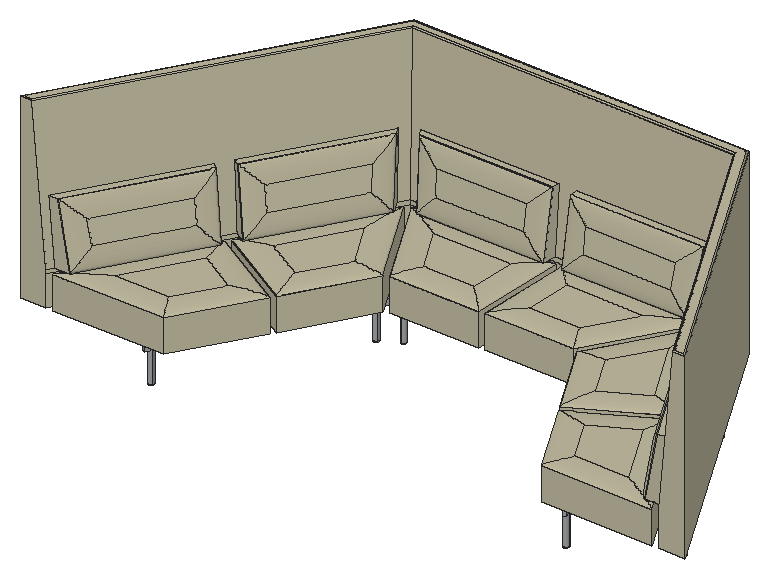
Revit family
Parameters
  URL = "http://www.martinbrattrud.com"
  SCS Certified Product = "Yes"
  Model = "Reveal 980-173 A"
  Manufacturer = "Martin Brattrud, Inc."
  Leg = none
  Keynote = "125000"
  Copyright = "© 2013 Martin Brattrud, Inc."
  Chair [instance] = none
  Back Cushion [instance] = none
  Authoring Version = "Revit Architecture 2010"
  Assembly Code = "E2020200"
Reference planes
  plane 1 "Center Front/Back": y = 0
  plane 2: z = 0
  plane 3 "Center Left/Right": x = 0
Forms (mm)
  Sweep 1, solid, material <- "Chair"
    path in 3D
      loop
        line (2035.136, -1442.448, 1365.25) -> (1013.827, 326.51, 1365.25) -> (-1013.827, 326.51, 1365.25) -> (-2035.136, -1442.448, 1365.25)
    profile origin (0, 326.51, 1365.25) x (0, -1, 0) y (0, 0, 1)
      loop
        line (-7.144, 6.35) -> (-56.78, 6.35)
        arc (-56.78, 6.35) -> (-61.27, 4.49) -> (-63.13, 0) r 6.35
        line (-63.13, 0) -> (-0.794, 0)
        arc (-0.794, 0) -> (-2.654, 4.49) -> (-7.144, 6.35) r 6.35
  Sweep 2, solid, material <- "Chair"
    path in 3D
      loop
        line (-19.05, -390.525, 431.8) -> (-19.05, 212.725, 431.8) -> (-926.137, 212.725, 431.8) -> (-577.85, -390.525, 431.8) -> (-19.05, -390.525, 431.8)
    profile origin (-298.45, -390.525, 431.8) x (0, 1, 0) y (0, 0, 1)
      loop
        line (153.194, 0) -> (153.194, 19.05)
        spline (153.194, 19.05) -> (133.302, 18.887) -> (113.75, 18.401) -> (94.873, 17.6) -> (76.994, 16.498) -> (60.419, 15.113) -> (45.431, 13.47) -> (32.287, 11.597) -> (21.211, 9.525) -> (12.395, 7.29) -> (5.987, 4.931) -> (2.098, 2.487) -> (0.794, 0)
        line (0.794, 0) -> (153.194, 0)
  Extrusion 3, void
    sketch origin (0, -938.609, 558.8) x (0, 1, 0) y (0, 0, 1)
      loop
        line (-471.831, 806.45) -> (-471.037, 806.45)
        arc (-471.037, 806.45) -> (-469.178, 810.94) -> (-464.687, 812.8) r 6.35
        line (-464.687, 812.8) -> (-464.687, 819.15) -> (-560.731, 819.15) -> (-560.731, -330.2) -> (-471.831, -330.2) -> (-471.831, 806.45)
    from -2133.6 to 2133.6
  Extrusion 4, solid, material <- "Leg"
    sketch origin (0, 0, 0) x (1, 0, 0) y (0, 1, 0)
      loop
        line (-603.25, 365.125) -> (-603.25, 146.05) -> (-909.639, 146.05) -> (-1062.833, -119.29) -> (-1252.558, -9.753) -> (-1262.083, -26.251) -> (-1072.358, -135.788) -> (-1656.558, -1147.652) -> (-1846.283, -1038.115) -> (-1855.808, -1054.613) -> (-1319.63, -1364.175) -> (-1333.917, -1388.922) -> (-1317.419, -1398.447) -> (-667.671, -273.05) -> (667.671, -273.05) -> (1317.419, -1398.447) -> (1333.917, -1388.922) -> (1319.63, -1364.175) -> (1855.808, -1054.613) -> (1846.283, -1038.115) -> (1656.558, -1147.652) -> (1072.358, -135.788) -> (1262.083, -26.251) -> (1252.558, -9.753) -> (1062.833, -119.29) -> (909.639, 146.05) -> (603.25, 146.05) -> (603.25, 365.125) -> (584.2, 365.125) -> (584.2, 146.05) -> (-584.2, 146.05) -> (-584.2, 365.125) -> (-603.25, 365.125)
      loop
        line (-584.2, -254) -> (-127, -254) -> (-127, 127) -> (-584.2, 127) -> (-584.2, -254)
      loop
        line (-603.25, -254) -> (-603.25, 127) -> (-898.64, 127) -> (-1046.335, -128.815) -> (-716.38, -319.315) -> (-678.67, -254) -> (-603.25, -254)
      loop
        line (-107.95, 127) -> (-107.95, -254) -> (107.95, -254) -> (107.95, 127) -> (-107.95, 127)
      loop
        line (584.2, -254) -> (584.2, 127) -> (127, 127) -> (127, -254) -> (584.2, -254)
      loop
        line (-725.905, -335.813) -> (-1055.86, -145.313) -> (-1284.46, -541.26) -> (-954.505, -731.76) -> (-725.905, -335.813)
      loop
        line (-1401.935, -744.733) -> (-1071.98, -935.233) -> (-964.03, -748.258) -> (-1293.985, -557.758) -> (-1401.935, -744.733)
      loop
        line (-1081.505, -951.731) -> (-1411.46, -761.231) -> (-1640.06, -1157.177) -> (-1310.105, -1347.677) -> (-1081.505, -951.731)
      loop
        line (603.25, -254) -> (678.67, -254) -> (716.38, -319.315) -> (1046.335, -128.815) -> (898.64, 127) -> (603.25, 127) -> (603.25, -254)
      loop
        line (725.905, -335.813) -> (954.505, -731.76) -> (1284.46, -541.26) -> (1055.86, -145.313) -> (725.905, -335.813)
      loop
        line (1401.935, -744.733) -> (1293.985, -557.758) -> (964.03, -748.258) -> (1071.98, -935.233) -> (1401.935, -744.733)
      loop
        line (1081.505, -951.731) -> (1310.105, -1347.677) -> (1640.06, -1157.177) -> (1411.46, -761.231) -> (1081.505, -951.731)
    from 190.472 to 228.6
  Extrusion 5, solid, material <- "Leg"
    sketch origin (0, 0, 0) x (1, 0, 0) y (0, 1, 0)
      loop
        line (-584.2, 276.225) -> (584.2, 276.225) -> (584.2, 352.425) -> (-584.2, 352.425) -> (-584.2, 276.225)
      loop
        line (-1769.293, -1082.565) -> (-1185.093, -70.701) -> (-1251.084, -32.601) -> (-1835.284, -1044.465) -> (-1769.293, -1082.565)
      loop
        line (1769.293, -1082.565) -> (1835.284, -1044.465) -> (1251.084, -32.601) -> (1185.093, -70.701) -> (1769.293, -1082.565)
    from 203.2 to 228.6
  Sweep 6, solid, material <- "Chair"
    path origin (0, 0, 0) x (1, 0, 0) y (0, 1, 0)
      loop
        line (2090.574, -1410.441) -> (1050.786, 390.525) -> (-1050.786, 390.525) -> (-2090.574, -1410.441)
    profile origin (0, 390.525, 0) x (0, -1, 0) y (0, 0, 1)
      loop
        line (0, 1365.25) -> (0, 228.6) -> (139.7, 228.6) -> (139.7, 419.466)
        arc (139.7, 419.466) -> (139.451, 431.792) -> (138.703, 444.098) r 304.8
        line (138.703, 444.098) -> (64.015, 1365.25) -> (0, 1365.25)
  Extrusion 7, solid, material <- "Chair"
    sketch origin (0, 0, 0) x (1, 0, 0) y (0, 1, 0)
      loop
        line (-1431.725, -624.881) -> (-1885.269, -1410.441) -> (-1188.696, -1410.441) -> (-909.296, -926.506) -> (-1431.725, -624.881)
      loop
        line (-610.846, -409.575) -> (-959.132, 193.675) -> (-1412.675, -591.885) -> (-890.246, -893.51) -> (-610.846, -409.575)
      loop
        line (-926.137, 212.725) -> (-577.85, -390.525) -> (-19.05, -390.525) -> (-19.05, 212.725) -> (-926.137, 212.725)
      loop
        line (1431.725, -624.881) -> (909.296, -926.506) -> (1188.696, -1410.441) -> (1885.269, -1410.441) -> (1431.725, -624.881)
      loop
        line (610.846, -409.575) -> (890.246, -893.51) -> (1412.675, -591.885) -> (959.132, 193.675) -> (610.846, -409.575)
      loop
        line (926.137, 212.725) -> (19.05, 212.725) -> (19.05, -390.525) -> (577.85, -390.525) -> (926.137, 212.725)
    from 228.6 to 431.8
  Extrusion 8, solid, material <- "Chair"
    sketch origin (0, 0, 0) x (1, 0, 0) y (0, 1, 0)
      loop
        line (-660.797, 59.531) -> (-489.404, -237.331) -> (-172.244, -237.331) -> (-172.244, 59.531) -> (-660.797, 59.531)
    from 431.8 to 450.85
  Sweep 9, solid, material <- "Chair"
    path in 3D
      loop
        line (19.05, -390.525, 431.8) -> (19.05, 212.725, 431.8) -> (926.137, 212.725, 431.8) -> (577.85, -390.525, 431.8) -> (19.05, -390.525, 431.8)
    profile origin (298.45, -390.525, 431.8) x (0, -1, 0) y (0, 0, 1)
      loop
        line (-153.194, 0) -> (-0.794, 0)
        spline (-0.794, 0) -> (-2.098, 2.487) -> (-5.987, 4.931) -> (-12.395, 7.29) -> (-21.211, 9.525) -> (-32.287, 11.597) -> (-45.431, 13.47) -> (-60.419, 15.113) -> (-76.994, 16.498) -> (-94.873, 17.6) -> (-113.75, 18.401) -> (-133.302, 18.887) -> (-153.194, 19.05)
        line (-153.194, 19.05) -> (-153.194, 0)
  Extrusion 10, solid, material <- "Chair"
    sketch origin (0, 0, 0) x (-1, 0, 0) y (0, -1, 0)
      loop
        line (-660.797, -59.531) -> (-172.244, -59.531) -> (-172.244, 237.331) -> (-489.404, 237.331) -> (-660.797, -59.531)
    from 431.8 to 450.85
  Sweep 11, solid, material <- "Chair"
    path in 3D
      loop
        line (-909.296, -926.506, 431.8) -> (-1431.725, -624.881, 431.8) -> (-1885.269, -1410.441, 431.8) -> (-1188.696, -1410.441, 431.8) -> (-909.296, -926.506, 431.8)
    profile origin (-1048.996, -1168.473, 431.8) x (-0.866025, 0.5, 0) y (0, 0, 1)
      loop
        line (153.194, 0) -> (153.194, 19.05)
        spline (153.194, 19.05) -> (133.302, 18.887) -> (113.75, 18.401) -> (94.873, 17.6) -> (76.994, 16.498) -> (60.419, 15.113) -> (45.431, 13.47) -> (32.287, 11.597) -> (21.211, 9.525) -> (12.395, 7.29) -> (5.987, 4.931) -> (2.098, 2.487) -> (0.794, 0)
        line (0.794, 0) -> (153.194, 0)
  Extrusion 12, solid, material <- "Chair"
    sketch origin (-1237.975, -714.745, 0) x (0.5, 0.866025, 0) y (-0.866025, 0.5, 0)
      loop
        line (-660.797, 59.531) -> (-489.404, -237.331) -> (-172.244, -237.331) -> (-172.244, 59.531) -> (-660.797, 59.531)
    from 431.8 to 450.85
  Sweep 13, solid, material <- "Chair"
    path in 3D
      loop
        line (-890.246, -893.51, 431.8) -> (-1412.675, -591.885, 431.8) -> (-959.132, 193.675, 431.8) -> (-610.846, -409.575, 431.8) -> (-890.246, -893.51, 431.8)
    profile origin (-750.546, -651.542, 431.8) x (0.866025, -0.5, 0) y (0, 0, 1)
      loop
        line (-153.194, 0) -> (-0.794, 0)
        spline (-0.794, 0) -> (-2.098, 2.487) -> (-5.987, 4.931) -> (-12.395, 7.29) -> (-21.211, 9.525) -> (-32.287, 11.597) -> (-45.431, 13.47) -> (-60.419, 15.113) -> (-76.994, 16.498) -> (-94.873, 17.6) -> (-113.75, 18.401) -> (-133.302, 18.887) -> (-153.194, 19.05)
        line (-153.194, 19.05) -> (-153.194, 0)
  Extrusion 14, solid, material <- "Chair"
    sketch origin (-1237.975, -714.745, 0) x (-0.5, -0.866025, 0) y (0.866025, -0.5, 0)
      loop
        line (-660.797, -59.531) -> (-172.244, -59.531) -> (-172.244, 237.331) -> (-489.404, 237.331) -> (-660.797, -59.531)
    from 431.8 to 450.85
  Sweep 15, solid, material <- "Chair"
    path in 3D
      loop
        line (909.296, -926.506, 431.8) -> (1431.725, -624.881, 431.8) -> (1885.269, -1410.441, 431.8) -> (1188.696, -1410.441, 431.8) -> (909.296, -926.506, 431.8)
    profile origin (1048.996, -1168.473, 431.8) x (-0.866025, -0.5, 0) y (0, 0, 1)
      loop
        line (-153.194, 0) -> (-0.794, 0)
        spline (-0.794, 0) -> (-2.098, 2.487) -> (-5.987, 4.931) -> (-12.395, 7.29) -> (-21.211, 9.525) -> (-32.287, 11.597) -> (-45.431, 13.47) -> (-60.419, 15.113) -> (-76.994, 16.498) -> (-94.873, 17.6) -> (-113.75, 18.401) -> (-133.302, 18.887) -> (-153.194, 19.05)
        line (-153.194, 19.05) -> (-153.194, 0)
  Extrusion 16, solid, material <- "Chair"
    sketch origin (1237.975, -714.745, 0) x (-0.5, 0.866025, 0) y (-0.866025, -0.5, 0)
      loop
        line (-660.797, -59.531) -> (-172.244, -59.531) -> (-172.244, 237.331) -> (-489.404, 237.331) -> (-660.797, -59.531)
    from 431.8 to 450.85
  Sweep 17, solid, material <- "Chair"
    path in 3D
      loop
        line (890.246, -893.51, 431.8) -> (1412.675, -591.885, 431.8) -> (959.132, 193.675, 431.8) -> (610.846, -409.575, 431.8) -> (890.246, -893.51, 431.8)
    profile origin (750.546, -651.542, 431.8) x (0.866025, 0.5, 0) y (0, 0, 1)
      loop
        line (153.194, 0) -> (153.194, 19.05)
        spline (153.194, 19.05) -> (133.302, 18.887) -> (113.75, 18.401) -> (94.873, 17.6) -> (76.994, 16.498) -> (60.419, 15.113) -> (45.431, 13.47) -> (32.287, 11.597) -> (21.211, 9.525) -> (12.395, 7.29) -> (5.987, 4.931) -> (2.098, 2.487) -> (0.794, 0)
        line (0.794, 0) -> (153.194, 0)
  Extrusion 18, solid, material <- "Chair"
    sketch origin (1237.975, -714.745, 0) x (0.5, -0.866025, 0) y (0.866025, 0.5, 0)
      loop
        line (-660.797, 59.531) -> (-489.404, -237.331) -> (-172.244, -237.331) -> (-172.244, 59.531) -> (-660.797, 59.531)
    from 431.8 to 450.85
  Sweep 19, solid, material <- "Chair"
    path origin (0, 0, 0) x (1, 0, 0) y (0, 1, 0)
      loop
        line (-1965.11, -1372.341) -> (-999.053, 300.919) -> (999.053, 300.919) -> (1965.11, -1372.341)
    profile origin (0, 300.919, 0) x (0, 1, 0) y (0, 0, 1)
      loop
        line (-48.848, 447.17) -> (-16.628, 844.552) -> (-67.428, 844.552) -> (-136.165, 447.17) -> (-48.848, 447.17)
  Extrusion 20, void
    sketch origin (0, 0, 0) x (1, 0, 0) y (0, 1, 0)
      loop
        line (-1527.154, -613.779) -> (-1401.282, -686.451) -> (-1344.132, -587.464) -> (-1470.004, -514.792) -> (-1527.154, -613.779)
      loop
        line (-930.152, 67.28) -> (-831.165, 124.43) -> (-950.632, 331.352) -> (-1049.618, 274.202) -> (-930.152, 67.28)
      loop
        line (-1797.28, -1372.341) -> (-1968.73, -1372.341) -> (-1968.73, -1467.591) -> (-1797.28, -1467.591) -> (-1797.28, -1372.341)
      loop
        line (1527.154, -613.779) -> (1470.004, -514.792) -> (1344.132, -587.464) -> (1401.282, -686.451) -> (1527.154, -613.779)
      loop
        line (930.152, 67.28) -> (1049.618, 274.202) -> (950.632, 331.352) -> (831.165, 124.43) -> (930.152, 67.28)
      loop
        line (1797.28, -1372.341) -> (1797.28, -1467.591) -> (1968.73, -1467.591) -> (1968.73, -1372.341) -> (1797.28, -1372.341)
      loop
        line (-57.15, 300.919) -> (-57.15, 155.575) -> (57.15, 155.575) -> (57.15, 300.919) -> (-57.15, 300.919)
    from 447.17 to 844.552
  Sweep 21, solid, material <- "Chair"
    path in 3D
      loop
        line (-894.132, 233.491, 844.552) -> (-854.447, 164.755, 447.17) -> (-57.15, 164.755, 447.17) -> (-57.15, 233.491, 844.552) -> (-894.132, 233.491, 844.552)
    profile origin (-475.641, 233.491, 844.552) x (0, -1, 0) y (0, 0, 1)
      loop
        line (0.135, -0.782) -> (25.975, -150.17) -> (41.618, -147.464) -> (37.424, -123.218)
        spline (37.424, -123.218) -> (34.465, -106.907) -> (31.289, -90.921) -> (27.95, -75.534) -> (24.505, -61.01) -> (21.014, -47.596) -> (17.536, -35.522) -> (14.131, -24.995) -> (10.857, -16.195) -> (7.769, -9.273) -> (4.921, -4.346) -> (2.362, -1.5) -> (0.135, -0.782)
  Sweep 22, solid, material <- "Chair"
    path in 3D
      loop
        line (209.55, 190.73, 597.34) -> (209.55, 175.088, 600.046)
    profile origin (209.55, 182.909, 598.693) x (0, -0.170442, -0.985368) y (1, 0, 0)
      loop
        line (0, 0) -> (0, 506.758) -> (-98.483, 516.449) -> (-98.483, 0) -> (0, 0)
  Sweep 23, solid, material <- "Chair"
    path in 3D
      loop
        line (-1298.377, -437.905, 597.34) -> (-1284.83, -445.726, 600.046)
    profile origin (-1291.604, -441.815, 598.693) x (0.147607, -0.085221, -0.985368) y (0.5, 0.866025, 0)
      loop
        line (0, 0) -> (0, 506.758) -> (-98.483, 516.449) -> (-98.483, 0) -> (0, 0)
  Sweep 24, solid, material <- "Chair"
    path in 3D
      loop
        line (1284.83, -445.726, 600.046) -> (1298.377, -437.905, 597.34)
    profile origin (1291.604, -441.815, 598.693) x (-0.147607, -0.085221, -0.985368) y (-0.5, 0.866025, 0)
      loop
        line (0, 0) -> (0, 506.758) -> (-98.483, 516.449) -> (-98.483, 0) -> (0, 0)
  Sweep 25, solid, material <- "Chair"
    path in 3D
      loop
        line (-209.55, 190.73, 597.34) -> (-209.55, 175.088, 600.046)
    profile origin (-209.55, 182.909, 598.693) x (0, 0.170442, 0.985368) y (-1, 0, 0)
      loop
        line (0, 0) -> (98.483, 0) -> (98.483, 516.449) -> (0, 506.758) -> (0, 0)
  Sweep 26, solid, material <- "Chair"
    path in 3D
      loop
        line (-1507.927, -800.856, 597.34) -> (-1494.38, -808.677, 600.046)
    profile origin (-1501.154, -804.766, 598.693) x (0, 0.326935, 0.945047) y (-0.521333, -0.806459, 0.278991)
      loop
        line (0, 0) -> (94.453, 27.884) -> (-51.772, 523.2) -> (-143.48, 486.021) -> (0, 0)
  Sweep 27, solid, material <- "Chair"
    path in 3D
      loop
        line (1507.927, -800.856, 597.34) -> (1494.38, -808.677, 600.046)
    profile origin (1501.154, -804.766, 598.693) x (0, -0.326935, -0.945047) y (0.521333, -0.806459, 0.278991)
      loop
        line (0, 0) -> (143.48, 486.021) -> (51.772, 523.2) -> (-94.453, 27.884) -> (0, 0)
  Sweep 28, solid, material <- "Chair"
    path in 3D
      loop
        line (894.132, 233.491, 844.552) -> (854.447, 164.755, 447.17) -> (57.15, 164.755, 447.17) -> (57.15, 233.491, 844.552) -> (894.132, 233.491, 844.552)
    profile origin (475.641, 233.491, 844.552) x (0, 1, 0) y (0, 0, 1)
      loop
        spline (-0.135, -0.782) -> (-2.362, -1.5) -> (-4.921, -4.346) -> (-7.769, -9.273) -> (-10.857, -16.195) -> (-14.131, -24.995) -> (-17.536, -35.522) -> (-21.014, -47.596) -> (-24.505, -61.01) -> (-27.95, -75.534) -> (-31.289, -90.921) -> (-34.465, -106.907) -> (-37.424, -123.218)
        line (-37.424, -123.218) -> (-41.618, -147.464) -> (-25.975, -150.17) -> (-0.135, -0.782)
  Sweep 29, solid, material <- "Chair"
    path in 3D
      loop
        line (-1887.25, -1372.341, 844.552) -> (-1807.881, -1372.341, 447.17) -> (-1409.232, -681.861, 447.17) -> (-1468.759, -647.493, 844.552) -> (-1887.25, -1372.341, 844.552)
    profile origin (-1678.005, -1009.917, 844.552) x (0.866025, -0.5, 0) y (0, 0, 1)
      loop
        line (0.135, -0.782) -> (25.975, -150.17) -> (41.618, -147.464) -> (37.424, -123.218)
        spline (37.424, -123.218) -> (34.465, -106.907) -> (31.289, -90.921) -> (27.95, -75.534) -> (24.505, -61.01) -> (21.014, -47.596) -> (17.536, -35.522) -> (14.131, -24.995) -> (10.857, -16.195) -> (7.769, -9.273) -> (4.921, -4.346) -> (2.362, -1.5) -> (0.135, -0.782)
  Sweep 30, solid, material <- "Chair"
    path in 3D
      loop
        line (-993.119, 176.341, 844.552) -> (-953.434, 107.605, 447.17) -> (-1352.082, -582.874, 447.17) -> (-1411.609, -548.506, 844.552) -> (-993.119, 176.341, 844.552)
    profile origin (-1202.364, -186.083, 844.552) x (-0.866025, 0.5, 0) y (0, 0, 1)
      loop
        spline (-0.135, -0.782) -> (-2.362, -1.5) -> (-4.921, -4.346) -> (-7.769, -9.273) -> (-10.857, -16.195) -> (-14.131, -24.995) -> (-17.536, -35.522) -> (-21.014, -47.596) -> (-24.505, -61.01) -> (-27.95, -75.534) -> (-31.289, -90.921) -> (-34.465, -106.907) -> (-37.424, -123.218)
        line (-37.424, -123.218) -> (-41.618, -147.464) -> (-25.975, -150.17) -> (-0.135, -0.782)
  Sweep 31, solid, material <- "Chair"
    path in 3D
      loop
        line (993.119, 176.341, 844.552) -> (953.434, 107.605, 447.17) -> (1352.082, -582.874, 447.17) -> (1411.609, -548.506, 844.552) -> (993.119, 176.341, 844.552)
    profile origin (1202.364, -186.083, 844.552) x (-0.866025, -0.5, 0) y (0, 0, 1)
      loop
        line (0.135, -0.782) -> (25.975, -150.17) -> (41.618, -147.464) -> (37.424, -123.218)
        spline (37.424, -123.218) -> (34.465, -106.907) -> (31.289, -90.921) -> (27.95, -75.534) -> (24.505, -61.01) -> (21.014, -47.596) -> (17.536, -35.522) -> (14.131, -24.995) -> (10.857, -16.195) -> (7.769, -9.273) -> (4.921, -4.346) -> (2.362, -1.5) -> (0.135, -0.782)
  Sweep 32, solid, material <- "Chair"
    path in 3D
      loop
        line (1887.25, -1372.341, 844.552) -> (1807.881, -1372.341, 447.17) -> (1409.232, -681.861, 447.17) -> (1468.759, -647.493, 844.552) -> (1887.25, -1372.341, 844.552)
    profile origin (1678.005, -1009.917, 844.552) x (0.866025, 0.5, 0) y (0, 0, 1)
      loop
        spline (-0.135, -0.782) -> (-2.362, -1.5) -> (-4.921, -4.346) -> (-7.769, -9.273) -> (-10.857, -16.195) -> (-14.131, -24.995) -> (-17.536, -35.522) -> (-21.014, -47.596) -> (-24.505, -61.01) -> (-27.95, -75.534) -> (-31.289, -90.921) -> (-34.465, -106.907) -> (-37.424, -123.218)
        line (-37.424, -123.218) -> (-41.618, -147.464) -> (-25.975, -150.17) -> (-0.135, -0.782)
Cuts and joins
  Extrusion 3 cuts Sweep 6
  Extrusion 3 cuts Sweep 1
  Extrusion 20 cuts Sweep 19
  joined: Sweep 15, Extrusion 16
  joined: Sweep 17, Extrusion 18
  joined: Sweep 9, Extrusion 10
  joined: Sweep 2, Extrusion 8
  joined: Sweep 13, Extrusion 14
  joined: Sweep 11, Extrusion 12
  joined: Sweep 26, Sweep 29
  joined: Sweep 23, Sweep 30
  joined: Sweep 21, Sweep 25
  joined: Sweep 22, Sweep 28
  joined: Sweep 24, Sweep 31
  joined: Sweep 27, Sweep 32
Lines and regions (mm)
  sketch lines
    curve 1: line (1013.827, 326.51, 1365.25) -> (-1013.827, 326.51, 1365.25)
    curve 2: line (-1013.827, 326.51, 1365.25) -> (-2035.136, -1442.448, 1365.25)
    curve 3: line (2035.136, -1442.448, 1365.25) -> (1013.827, 326.51, 1365.25)
    curve 4: line (-577.85, -390.525, 431.8) -> (-19.05, -390.525, 431.8)
    curve 5: line (-926.137, 212.725, 431.8) -> (-577.85, -390.525, 431.8)
    curve 6: line (-19.05, 212.725, 431.8) -> (-926.137, 212.725, 431.8)
    curve 7: line (-19.05, -390.525, 431.8) -> (-19.05, 212.725, 431.8)
    curve 8: line (577.85, -390.525, 431.8) -> (19.05, -390.525, 431.8)
    curve 9: line (926.137, 212.725, 431.8) -> (577.85, -390.525, 431.8)
    curve 10: line (19.05, 212.725, 431.8) -> (926.137, 212.725, 431.8)
    curve 11: line (19.05, -390.525, 431.8) -> (19.05, 212.725, 431.8)
    curve 12: line (-1188.696, -1410.441, 431.8) -> (-909.296, -926.506, 431.8)
    curve 13: line (-1885.269, -1410.441, 431.8) -> (-1188.696, -1410.441, 431.8)
    curve 14: line (-1431.725, -624.881, 431.8) -> (-1885.269, -1410.441, 431.8)
    curve 15: line (-909.296, -926.506, 431.8) -> (-1431.725, -624.881, 431.8)
    curve 16: line (-610.846, -409.575, 431.8) -> (-890.246, -893.51, 431.8)
    curve 17: line (-959.132, 193.675, 431.8) -> (-610.846, -409.575, 431.8)
    curve 18: line (-1412.675, -591.885, 431.8) -> (-959.132, 193.675, 431.8)
    curve 19: line (-890.246, -893.51, 431.8) -> (-1412.675, -591.885, 431.8)
    curve 20: line (1188.696, -1410.441, 431.8) -> (909.296, -926.506, 431.8)
    curve 21: line (1885.269, -1410.441, 431.8) -> (1188.696, -1410.441, 431.8)
    curve 22: line (1431.725, -624.881, 431.8) -> (1885.269, -1410.441, 431.8)
    curve 23: line (909.296, -926.506, 431.8) -> (1431.725, -624.881, 431.8)
    curve 24: line (610.846, -409.575, 431.8) -> (890.246, -893.51, 431.8)
    curve 25: line (959.132, 193.675, 431.8) -> (610.846, -409.575, 431.8)
    curve 26: line (1412.675, -591.885, 431.8) -> (959.132, 193.675, 431.8)
    curve 27: line (890.246, -893.51, 431.8) -> (1412.675, -591.885, 431.8)
    curve 28: line (-57.15, 233.491, 844.552) -> (-894.132, 233.491, 844.552)
    curve 29: line (-854.447, 164.755, 447.17) -> (-894.132, 233.491, 844.552)
    curve 30: line (-57.15, 164.755, 447.17) -> (-854.447, 164.755, 447.17)
    curve 31: line (-57.15, 233.491, 844.552) -> (-57.15, 164.755, 447.17)
    curve 32: line (209.55, 190.73, 597.34) -> (209.55, 175.088, 600.046)
    curve 33: line (-1298.377, -437.905, 597.34) -> (-1284.83, -445.726, 600.046)
    curve 34: line (1284.83, -445.726, 600.046) -> (1298.377, -437.905, 597.34)
    curve 35: line (-209.55, 190.73, 597.34) -> (-209.55, 175.088, 600.046)
    curve 36: line (-1507.927, -800.856, 597.34) -> (-1494.38, -808.677, 600.046)
    curve 37: line (1507.927, -800.856, 597.34) -> (1494.38, -808.677, 600.046)
    curve 38: line (57.15, 233.491, 844.552) -> (894.132, 233.491, 844.552)
    curve 39: line (854.447, 164.755, 447.17) -> (894.132, 233.491, 844.552)
    curve 40: line (57.15, 164.755, 447.17) -> (854.447, 164.755, 447.17)
    curve 41: line (57.15, 233.491, 844.552) -> (57.15, 164.755, 447.17)
    curve 42: line (-1468.759, -647.493, 844.552) -> (-1887.25, -1372.341, 844.552)
    curve 43: line (-1807.881, -1372.341, 447.17) -> (-1887.25, -1372.341, 844.552)
    curve 44: line (-1409.232, -681.861, 447.17) -> (-1807.881, -1372.341, 447.17)
    curve 45: line (-1468.759, -647.493, 844.552) -> (-1409.232, -681.861, 447.17)
    curve 46: line (-1411.609, -548.506, 844.552) -> (-993.119, 176.341, 844.552)
    curve 47: line (-953.434, 107.605, 447.17) -> (-993.119, 176.341, 844.552)
    curve 48: line (-1352.082, -582.874, 447.17) -> (-953.434, 107.605, 447.17)
    curve 49: line (-1411.609, -548.506, 844.552) -> (-1352.082, -582.874, 447.17)
    curve 50: line (1411.609, -548.506, 844.552) -> (993.119, 176.341, 844.552)
    curve 51: line (953.434, 107.605, 447.17) -> (993.119, 176.341, 844.552)
    curve 52: line (1352.082, -582.874, 447.17) -> (953.434, 107.605, 447.17)
    curve 53: line (1411.609, -548.506, 844.552) -> (1352.082, -582.874, 447.17)
    curve 54: line (1468.759, -647.493, 844.552) -> (1887.25, -1372.341, 844.552)
    curve 55: line (1807.881, -1372.341, 447.17) -> (1887.25, -1372.341, 844.552)
    curve 56: line (1409.232, -681.861, 447.17) -> (1807.881, -1372.341, 447.17)
    curve 57: line (1468.759, -647.493, 844.552) -> (1409.232, -681.861, 447.17)
Nested families
  nested 1: "Reveal Leg" at (-593.725, 320.675, 0), type "Reveal Leg"
  nested 2: "Reveal Leg" at (593.725, 320.675, 0) x (-1, 0, 0) z (0, 0, 1), type "Reveal Leg"
  nested 3: "Reveal Leg" at (593.677, -263.525, 0) x (-1, 0, 0) z (0, 0, 1), type "Reveal Leg"
  nested 4: "Reveal Leg" at (-593.677, -263.525, 0), type "Reveal Leg"
  nested 5: "Reveal Leg" at (-712.917, -332.368, 0) x (-0.5, -0.866, 0) z (0, 0, 1), type "Reveal Leg"
  nested 6: "Reveal Leg" at (-1306.594, -1360.647, 0) x (0.5, 0.866, 0) z (0, 0, 1), type "Reveal Leg"
  nested 7: "Reveal Leg" at (712.917, -332.368, 0) x (0.5, -0.866, 0) z (0, 0, 1), type "Reveal Leg"
  nested 8: "Reveal Leg" at (1306.594, -1360.647, 0) x (-0.5, 0.866, 0) z (0, 0, 1), type "Reveal Leg"
  nested 9: "Reveal Leg" at (-1812.55, -1068.589, 0) x (0.5, 0.866, 0) z (0, 0, 1), type "Reveal Leg"
  nested 10: "Reveal Leg" at (-1218.825, -40.227, 0) x (-0.5, -0.866, 0) z (0, 0, 1), type "Reveal Leg"
  nested 11: "Reveal Leg" at (1812.55, -1068.589, 0) x (-0.5, 0.866, 0) z (0, 0, 1), type "Reveal Leg"
  nested 12: "Reveal Leg" at (1218.825, -40.227, 0) x (0.5, -0.866, 0) z (0, 0, 1), type "Reveal Leg"
Definition of nested family "Reveal Leg"
  Parameters
    URL = "http://www.martinbrattrud.com"
    SCS Certified Product = ""
    Model = ""
    Leg = none
    Manufacturer = "Martin Brattrud, Inc."
    Keynote = "125000"
    Copyright = "© 2013 Martin Brattrud, Inc."
    Authoring Version = "Revit Architecture 2010"
    Assembly Code = "E2020200"
  Reference planes
    plane 1 "Center Front/Back": y = 0
    plane 2: z = 0
    plane 3 "Center Left/Right": x = 0
    plane 4: z = 228.6
  Forms (mm)
    Revolve 1, solid, material <- "Leg"
      sketch origin (0, 0, 0) x (0, 1, 0) y (0, 0, 1)
        loop
          line (0, 228.6) -> (-15.875, 228.6) -> (-15.875, 6.35) -> (-6.35, 6.35) -> (-6.35, 3.175) -> (-15.875, 3.175) -> (-15.875, 0) -> (0, 0) -> (0, 228.6)
        axis (0, 228.6) -> (0, 0)
      angle from 0 to 360
